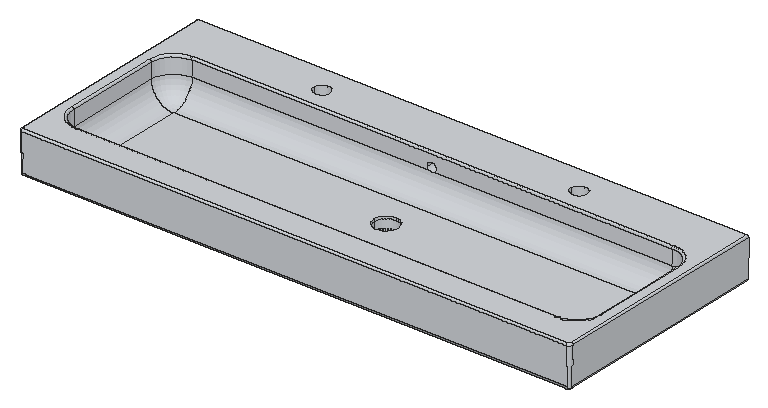
Revit family "NLRS_74_PF_UN_wastafel_S8308202000_SPHINX_BCB", category Plumbing Fixtures, Revit 2016
Family settings
  Part Type = Normal
  Round Connector Dimension = Use Diameter
  OmniClass Number = 23.45.00.00
  OmniClass Title = Sanitary, Laundry, and Cleaning Equipment
  Work Plane-Based = No
  Always vertical = Yes
  Cut with Voids When Loaded = No
  Shared = No
  Room Calculation Point = No
Parameters
  NLRS_C_type = "Wastafel met twee kraangaten en met overloop"
  NLRS_C_serie = "345"
  NLRS_C_revit_versie = "2016"
  NLRS_C_content_versie = "2.0"
  NLRS_C_content_provider = "BouwConnect"
  NLRS_C_content_datum_uitgifte = "APR-2018"
  NLRS_C_content_datum_gewijzigd = "APR-2018"
  NLRS_C_content_creator = "BouwConnect"
  NLRS_C_URL_product_data = "http://www.sphinx.nl/producten/wastafels-%7C-fonteinen/wastafels/sphinx-345-%7C-wastafel-120-cm/29182/"
  URL = "http://www.sphinx.nl/"
  Type Comments = ""
  NLRS_S_gewicht = 10.00 kg
  NLRS_C_materiaal = none
  NLRS_C_lengte = 485 mm
  NLRS_C_hoogte = 160 mm
  NLRS_C_diameter_uit = 45 mm
  NLRS_C_diameter_in = 35 mm
  NLRS_C_breedte = 1200 mm
  Model = ""
  Manufacturer = "Sphinx"
  Keynote = ""
  IfcTypeProduct = "IfcSanitaryTerminalType"
  IfcExportType = "SINK"
  IfcExportAs = "IfcSanitaryTerminalTypeEnum"
  IfcElement = "IfcFlowTerminal"
  NLRS_C_code_EAN = "8711754369702"
  Description = "wastafel"
  NLRS_C_URL_BCB = "http://bcb-online.nl/?zoekterm=Sphinx+++%5bGeberit+B.V.%5d"
  Assembly Code = "47.11"
Reference planes
  plane 1 "Center (Front/Back)": y = 0
  plane 2: z = 0
  plane 3 "Center (Left/Right)": x = 0
Forms (mm)
  Extrusion 1, solid, detail levels medium+fine
    sketch origin (0, 0, 0) x (1, 0, 0) y (0, 1, 0)
      loop
        line (-605.561, 0) -> (-605.561, -492.239)
        arc (-605.561, -492.239) -> (-605.268, -492.946) -> (-604.561, -493.239) r 1
        line (-604.561, -493.239) -> (604.439, -493.239)
        arc (604.439, -493.239) -> (605.146, -492.946) -> (605.439, -492.239) r 1
        line (605.439, -492.239) -> (605.439, 0) -> (-605.561, 0)
    from -89.999 to 0
  Sweep 2, void, detail levels medium+fine
    path origin (0, 0, 0) x (1, 0, 0) y (0, 1, 0)
      loop
        line (-599.844, 0) -> (-599.844, -477.932)
        arc (-599.844, -477.932) -> (-597.773, -482.93) -> (-592.775, -485) r 7.068
        line (-592.775, -485) -> (593.088, -485)
        arc (593.088, -485) -> (598.086, -482.93) -> (600.156, -477.932) r 7.068
        line (600.156, -477.932) -> (600.156, 0)
    profile origin (-599.844, -238.966, 0) x (1, 0, 0) y (0, 0, 1)
      loop
        arc (0.047, -4.094) -> (1.184, -1.205) -> (4.046, 0) r 4
        line (4.046, 0) -> (4.046, 1) -> (-13.879, 1) -> (-13.879, -92.278) -> (5.975, -92.278) -> (5.975, -89.999)
        arc (5.975, -89.999) -> (3.18, -88.86) -> (1.976, -86.093) r 4
        line (1.976, -86.093) -> (0.047, -4.094)
  Sweep 3, void, detail levels medium+fine
    path origin (4000.313, 0, 0) x (-1, 0, 0) y (0, -1, 0)
      loop
        arc (4522.656, 110) -> (4558.012, 124.645) -> (4572.656, 160) r 50
        line (4572.656, 160) -> (4572.656, 370)
        arc (4572.656, 370) -> (4558.012, 405.355) -> (4522.656, 420) r 50
        line (4522.656, 420) -> (3477.656, 420)
        arc (3477.656, 420) -> (3442.301, 405.355) -> (3427.656, 370) r 50
        line (3427.656, 370) -> (3427.656, 160)
        arc (3427.656, 160) -> (3442.301, 124.645) -> (3477.656, 110) r 50
        line (3477.656, 110) -> (4522.656, 110)
    profile origin (0.156, -110, 0) x (0, 1, 0) y (0, 0, 1)
      loop
        arc (0, -4) -> (1.172, -1.172) -> (4, 0) r 4
        line (4, 0) -> (5, 0) -> (5, 24) -> (-49, 24) -> (-49, -85) -> (-48, -85)
        arc (-48, -85) -> (-14.059, -70.942) -> (0, -37) r 48
        line (0, -37) -> (0, -4)
  Extrusion 4, void, detail levels medium+fine
    sketch origin (1000.313, 0, 0) x (-1, 0, 0) y (0, -1, 0)
      loop
        arc (1523.156, 158.5) -> (1523.863, 158.793) -> (1524.156, 159.5) r 1
        line (1524.156, 159.5) -> (1524.156, 370.5)
        arc (1524.156, 370.5) -> (1523.863, 371.207) -> (1523.156, 371.5) r 1
        line (1523.156, 371.5) -> (477.156, 371.5)
        arc (477.156, 371.5) -> (476.449, 371.207) -> (476.156, 370.5) r 1
        line (476.156, 370.5) -> (476.156, 159.5)
        arc (476.156, 159.5) -> (476.449, 158.793) -> (477.156, 158.5) r 1
        line (477.156, 158.5) -> (1523.156, 158.5)
    from -85 to 20
  Revolve 5, solid, detail levels medium+fine
    sketch origin (0, 49.876, 0) x (0, 1, 0) y (0, 0, -1)
      loop
        arc (-164.53, 90) -> (-201.281, 106.802) -> (-241.315, 112.294) r 138.656
        line (-241.315, 112.294) -> (-284.896, 112.294) -> (-284.896, 90) -> (-164.53, 90)
      axis (-284.896, 90) -> (-284.896, 112.294)
    angle from 0 to 360
  Revolve 6, solid, detail levels medium+fine
    sketch origin (42.5, -235, -10.005) x (-1, 0, 0) y (0, 0, -1)
      loop
        line (6.298, 98.528) -> (16.241, 98.528) -> (16.241, 150) -> (14.241, 150)
        arc (14.241, 150) -> (10.089, 148.332) -> (8.246, 144.255) r 6
        line (8.246, 144.255) -> (6.298, 98.528)
      axis (42.5, 150) -> (42.5, 98.528)
    angle from 0 to 360
  Extrusion 7, void, detail levels medium+fine
    sketch origin (42.5, 55, 0) x (-1, 0, 0) y (0, -1, 0)
      loop
        circle (42.5, 290) r 26.25
    from -193.205 to 24
  Extrusion 8, solid, detail levels medium+fine
    sketch origin (0.313, 0, 0) x (-1, 0, 0) y (0, 0, -1)
      loop
        line (-527.748, 133.402) -> (-531.87, 89.953) -> (532.183, 89.953) -> (528.06, 133.402)
        arc (528.06, 133.402) -> (524.834, 139.855) -> (518.105, 142.458) r 10
        line (518.105, 142.458) -> (499.355, 142.458) -> (490.44, 138) -> (464.923, 138)
        arc (464.923, 138) -> (458.874, 135.963) -> (455.289, 130.682) r 10
        line (455.289, 130.682) -> (452.959, 122.313)
        arc (452.959, 122.313) -> (449.374, 117.032) -> (443.326, 114.995) r 10
        line (443.326, 114.995) -> (-443.013, 114.995)
        arc (-443.013, 114.995) -> (-449.062, 117.032) -> (-452.647, 122.313) r 10
        line (-452.647, 122.313) -> (-454.977, 130.682)
        arc (-454.977, 130.682) -> (-458.562, 135.963) -> (-464.611, 138) r 10
        line (-464.611, 138) -> (-489.848, 138) -> (-498.763, 142.458) -> (-517.793, 142.458)
        arc (-517.793, 142.458) -> (-524.522, 139.855) -> (-527.748, 133.402) r 10
    from 0 to 42
  Extrusion 9, void, detail levels medium+fine
    sketch origin (-237.5, 0, 0) x (-1, 0, 0) y (0, -1, 0)
      loop
        circle (42.5, 60) r 17.5
    from -75.886 to 16.495
  Extrusion 10, void, detail levels medium+fine
    sketch origin (42.5, 0, -30) x (-1, 0, 0) y (0, 0, -1)
      loop
        circle (42.5, 0) r 10
    from 40 to 150
  Extrusion 11, solid, detail levels medium+fine
    sketch origin (-78.538, -15.612, 0) x (-0.34202, 0.939693, 0) y (0, 0, 1)
      loop
        line (-404.656, -90) -> (-392.823, -107.084)
        arc (-392.823, -107.084) -> (-383.718, -115.653) -> (-371.91, -119.766) r 30
        arc (-371.91, -119.766) -> (-177.08, -137.656) -> (18.513, -142.378) r 2902.067
        line (18.513, -142.378) -> (18.513, -90) -> (-404.656, -90)
    from 0 to 20
  Extrusion 12, void, detail levels medium+fine
    sketch origin (0, 0, 0) x (0, 1, 0) y (0, 0, 1)
      loop
        line (20, -149.995) -> (20, -84.995) -> (0, -84.995) -> (0, -114.995)
        arc (0, -114.995) -> (-14.664, -140.098) -> (-42, -149.995) r 42.7
        line (-42, -149.995) -> (20, -149.995)
    from -89.774 to -45.028
  Extrusion 13, void, detail levels medium+fine
    sketch origin (237.5, 0, 0) x (1, 0, 0) y (0, 1, 0)
      loop
        circle (42.5, -60) r 17.5
    from -75.886 to 16.495
  Extrusion 14, solid, detail levels coarse
    sketch origin (-1420, 0, 0) x (1, 0, 0) y (0, 1, 0)
      loop
        line (820, 0) -> (820, -485) -> (2020, -485) -> (2020, 0) -> (820, 0)
    from -90 to 0
  Extrusion 15, void
    sketch origin (-1420, 0, 0) x (1, 0, 0) y (0, 1, 0)
      loop
        arc (897.5, -110) -> (862.145, -124.645) -> (847.5, -160) r 50
        line (847.5, -160) -> (847.5, -370)
        arc (847.5, -370) -> (862.145, -405.355) -> (897.5, -420) r 50
        line (897.5, -420) -> (1942.5, -420)
        arc (1942.5, -420) -> (1977.855, -405.355) -> (1992.5, -370) r 50
        line (1992.5, -370) -> (1992.5, -160)
        arc (1992.5, -160) -> (1977.855, -124.645) -> (1942.5, -110) r 50
        line (1942.5, -110) -> (897.5, -110)
    from -80 to 100
  Extrusion 16, solid, not visible
    sketch origin (-80.488, 12.443, 0) x (1, 0, 0) y (0, 1, 0)
      loop
        circle (80.488, -247.443) r 26.25
    from -165 to -160.005
Cuts and joins
  Extrusion 7 cuts Revolve 5
  Sweep 2, Sweep 3, Extrusion 4, Extrusion 7, Extrusion 9, Extrusion 10, Extrusion 13 cuts Extrusion 1
  Extrusion 13 cuts Extrusion 8
  Extrusion 7, Extrusion 12, Extrusion 13 cuts Extrusion 11
  joined: Extrusion 1, Extrusion 8, Extrusion 11
  Extrusion 15 cuts Extrusion 14
Dimensions and locks
  aligned and locked: level to plane 2
